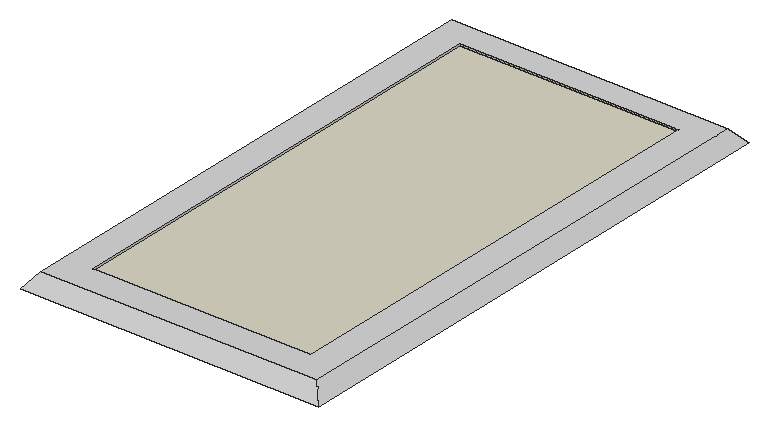
Revit family "Mirror-Acorn-LR1812-SLPT", category Generic Models, host Face, Revit 2019
Family settings
  Host = Face
  Can host rebar = No
  Round Connector Dimension = Use Diameter
  Part Type = Normal
  OmniClass Number = 23.40.95.17.17
  OmniClass Title = Mirrors
  Cut with Voids When Loaded = No
  Shared = Yes
  Room Calculation Point = No
Parameters (values of type "LR1812-SLPT")
  Width = 5/8"
  URL = "https://www.acorneng.com/"
  Type Comments = ""
  SW - Wall Sleeve = no
  Product Page URL = "https://www.acorneng.com/lr1812-slpt-ligature-resistant-13x23-mirror"
  Product Documentation Link = "https://www.acorneng.com/uploads/fileLibrary/LR1812-SLPT.pdf"
  Model = "LR1812-SLPT"
  Material = "Stainless Steel-Acorn-Satin"
  Manufacturer = "Acorn Engineering"
  Length = 13"
  Installation Type = "Wall Mounted"
  Height = 23 3/8"
  Finish = Stainless Steel-Acorn-Satin
  EG - Enviro-Glaze = no
  Description = "Secur-Care® Ligature-Resistant, Stainless Steel Security Mirror"
  Default Elevation = 0"
  Creation Date = "10/30/2024"  # constant formula
  Assembly Code = "E2010"
  ADA Compliant = yes
Reference planes (in)
  plane 1 "Center (Front/Back)": y = 0
  plane 2: z = 0
  plane 3 "Center (Left/Right)": x = 0
  plane 4: x = -6.5
  plane 5: x = 6.5
  plane 6: y = 11.6875
  plane 7: y = -11.6875
  plane 8: z = 0.625
Forms (in)
  Blend 1, solid, material "Stainless Steel-Acorn-Satin" <- "Finish"
    base sketch origin (0, 0, 0) x (1, 0, 0) y (0, 1, 0)
      loop
        line (-6.5, 11.6875) -> (-6.5, -11.6875) -> (6.5, -11.6875) -> (6.5, 11.6875) -> (-6.5, 11.6875)
    top sketch origin (0, 0, 0) x (1, 0, 0) y (0, 1, 0)
      loop
        line (-6, 11.1875) -> (-6, -11.1875) -> (6, -11.1875) -> (6, 11.1875) -> (-6, 11.1875)
    from 0 to 0.625
  Extrusion 2, void
    sketch origin (0, 0, 0) x (1, 0, 0) y (0, 1, 0)
      loop
        line (-4.75662, 10.07848) -> (-4.75662, -9.92152) -> (4.74338, -9.92152) -> (4.74338, 10.07848) -> (-4.75662, 10.07848)
    from 0.55199 to 0.625
Cuts and joins
  Extrusion 2 cuts Blend 1
Dimensions and locks (in)
  equal spacing: plane 4, plane 3 "Center (Left/Right)", plane 5
  "Length": plane 4 to plane 5
  equal spacing: plane 6, plane 1 "Center (Front/Back)", plane 7
  "Height": plane 6 to plane 7
  "Width": plane 8 to host face
  aligned and locked: plane 2 to host face
  aligned and locked: level to host face
  aligned and locked: Blend 1 sketch curve to plane 6
  aligned and locked: plane 4 to Blend 1 sketch curve
  aligned and locked: Blend 1 sketch curve to plane 7
  aligned and locked: plane 5 to Blend 1 sketch curve
  aligned and locked: plane 8 to Blend 1
  aligned and locked: plane 8 to Extrusion 2
Automatic sketch dimensions
  host sketch curve to host sketch curve = 96"  (x2)
  plane 4 to Blend 1 sketch curve = 1/2"
  plane 5 to Blend 1 sketch curve = 1/2"
  Blend 1 sketch curve to plane 7 = 1/2"
  Blend 1 sketch curve to plane 6 = 1/2"
  plane 4 to Extrusion 2 sketch curve = 1.74338"
  plane 5 to Extrusion 2 sketch curve = 1.75662"
  Extrusion 2 sketch curve to plane 7 = 1.76598"
  Extrusion 2 sketch curve to plane 6 = 1.60902"
